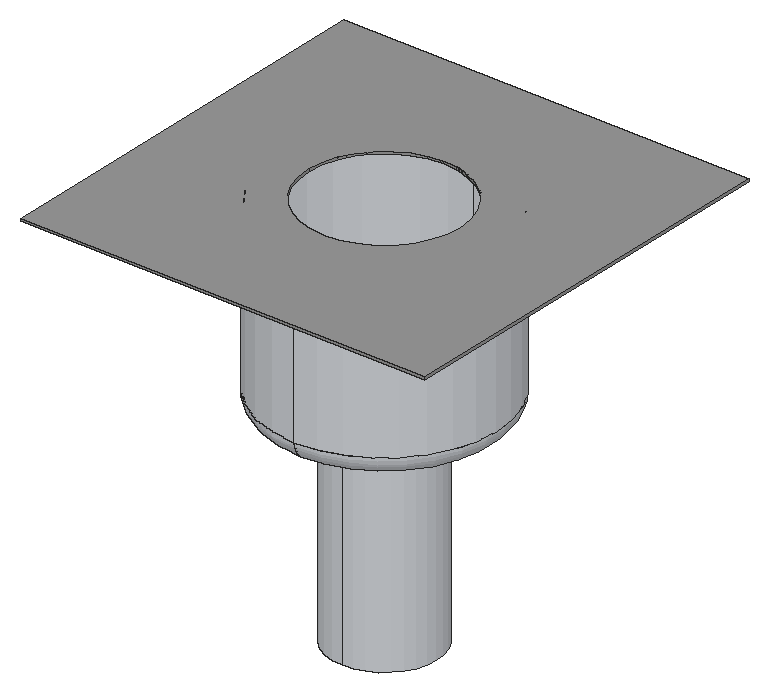
Revit family "RS524.x0", category Sanitärinstallationen, Revit 2020
Family settings
  Bemaßung runder Anschluss = Durchmesser verwenden
  Teiletyp = Normal
  Arbeitsebenenbasiert = Nein
  Immer vertikal = Ja
  Beim Laden mit Abzugskörper schneiden = Nein
  Gemeinsam genutzt = Nein
  Raumberechnungspunkt = Nein
Parameters
  Übergangsbride [instance] = no
  Vorgabe-Ansicht = 0 mm
  URL = "https://www.resitec.ch/"
  RSsp_H1 [instance] = Höhe - 23 mm  # 335 mm
  RS_s001 = 2 mm
  RS_dimH-mountplate [instance] = Höhe Montageset  # 110 mm
  RS_dimH-Rost [instance] = 69 mm
  RS_dim001 = 80.135 mm
  RS_dim002 = 142 mm
  RS_dim003 = RS_dim001 + 5 mm  # 85.135 mm
  RS_dia002 = 150 mm
  RS_dia001 = 245 mm  # constant formula
  RS_DVol-T = 345 mm
  RS_DVol-L = 345 mm
  RS_DN2 = 0 mm
  RS_DN1d = 88.9 mm
  RS_DN1 = 80 mm
  RS_AVol-T = 129 mm
  RS_AVol-L = 129 mm
  RS_AVol-H = 200 mm
  RS511.2.239 Schlitzrost [instance] = yes
  RS_URL = "https://resitec.ch/entwaesserungstechnik/glockensifons/?tx_resitecprodukte_produktliste%5Bprodukt%5D=81&tx_resitecprodukte_produktliste%5Baction%5D=show&tx_resitecprodukte_produktliste%5Bcontroller%5D=Produkt&cHash=6d57d6ed01fa84a4cd1852db563116bd"
  RS_Rost_h1 [instance] = 23 mm  # constant formula
  RS_Rost_Typ [instance] = if(RS511.2.239 Schlitzrost, "RS511.2.145", if(RS512.6.239 Lochrost 6mm, "RS511.3.145", if(RS513A.239 Gitterrost, "RS512.6.145", "Bitte Rosttyp Angfeben")))  # "RS511.2.145"
  RS_Manufacture = "Resitec"  # constant formula
  RS_Description [instance] = if(RS511.2.239 Schlitzrost, "Bodenablauf aus rostfreiem Stahl 1.4404 gebeizt, Typ RS 500K/80 mit Schlitzrost barfuss begehbar.", if(RS512.6.239 Lochrost 6mm, "Bodenablauf aus rostfreiem Stahl 1.4404 gebeizt, Typ RS 500K/80 mit Lochrost 6 mm befahrbar.", if(RS513A.239 Gitterrost, "Bodenablauf aus rostfreiem Stahl 1.4404 gebeizt, Typ RS 500K/80 mit Gitterrost befahrbar.", "Bitte Rosttyp Definieren")))  # "Bodenablauf aus rostfreiem Stahl 1.4404 gebeizt, Typ RS 500K/80 mit Schlitzrost barfuss begehbar."
  RS_Articelnumber [instance] = if(RS511.2.239 Schlitzrost, "RS500K.80.2.245", if(RS512.6.239 Lochrost 6mm, "RS500K.80.3.245", if(RS513A.239 Gitterrost, "RS500K.80.6.245", "Bitte Rosttyp Definieren")))  # "RS500K.80.2.245"
  RS_Add_1 [instance] = ""
  RS03 Rost verschraubt [instance] = no
  RS050.100 Montageset [instance] = yes
  RS513A.239 Gitterrost [instance] = no
  RS512.6.239 Lochrost 6mm [instance] = no
  Klebeblech mit Epoxidgrundierung = no
  Höhe [instance] = 358 mm
  Höhe Montageset [instance] = 110 mm
  Hersteller = RS_Manufacture  # "Resitec"
  Description = ""
  Baugruppenkennzeichen = "D2030300"
  Anschlusswert DU L/s = 0
Reference planes
  plane 1 "Mitte (Vorne/hinten)": y = 0
  plane 2: z = 0
  plane 3 "Mitte (Links/rechts)": x = 0
  plane 4: z = -335
  plane 5: z = 10
  plane 6: x = 172.5
  plane 7: y = 172.5
  plane 8: x = -172.5
  plane 9: y = -172.5
  plane 10: y = 64.5
  plane 11: x = 64.5
  plane 12: x = -64.5
  plane 13: y = -64.5
  plane 14: z = 23
  plane 15: z = -7.5
  plane 16: z = 2
  plane 17: z = -110
  plane 18: x = -122.5
  plane 19: y = 122.5
  plane 20: x = 122.5
  plane 21: y = -122.5
  plane 22: z = 0
Forms (mm)
  Extrusion 1, solid, material "Stahl, unlegiert"
    sketch origin (0, 0, 0) x (1, 0, 0) y (0, 1, 0)
      loop
        line (-172.5, 172.5) -> (-172.5, -172.5) -> (172.5, -172.5) -> (172.5, 172.5) -> (-172.5, 172.5)
      loop
        circle (0, 0) r 64.5
    from 0 to 2
Lines and regions (mm)
  reference lines
    curve 1: line (-60, 0, 0) -> (60, 0, 0)
    curve 2: line (0, 60, 0) -> (0, -60, 0)
    curve 3: line (-55.15, 0, 0) -> (55.15, 0, 0)
    curve 4: line (0, 55.15, 0) -> (0, -55.15, 0)
    curve 5: line (-70.5, 0, 0) -> (70.5, 0, 0)
    curve 6: line (0, -70.5, 0) -> (0, 70.5, 0)
Dimensions and locks
  "RSsp_H1": level to plane 4
  equal spacing: plane 7, plane 1 "Mitte (Vorne/hinten)", plane 9
  equal spacing: plane 8, plane 3 "Mitte (Links/rechts)", plane 6
  "RS_DVol-T": plane 7 to plane 9
  "RS_DVol-L": plane 8 to plane 6
  equal spacing: plane 12, plane 3 "Mitte (Links/rechts)", plane 11
  "RS_AVol-L": plane 12 to plane 11
  equal spacing: plane 10, plane 1 "Mitte (Vorne/hinten)", plane 13
  "RS_AVol-T": plane 10 to plane 13
  "RS_s001": plane 16 to level
  "RS_Rost_h1": plane 14 to level
  "Höhe Montageset": level to plane 17
  "RS_dia001": plane 18 to plane 20
  "RS_dia001": plane 19 to plane 21
  equal spacing: plane 18, plane 3 "Mitte (Links/rechts)", plane 20
  equal spacing: plane 19, plane 1 "Mitte (Vorne/hinten)", plane 21
  Extrusion 1 to Extrusion 1 = 2 mm
  locked: level to plane 15 at 7.5
  plane 14 to plane 22 = 23 mm
  aligned and locked: level to plane 2
  aligned and locked: Extrusion 1 to level
  aligned and locked: nested 1 to level
  aligned and locked: level to plane 22
Automatic sketch dimensions
  plane 1 "Mitte (Vorne/hinten)" to curve 5 = 0 mm
  plane 1 "Mitte (Vorne/hinten)" to curve 1 = 0 mm
  plane 1 "Mitte (Vorne/hinten)" to curve 3 = 0 mm
  curve 2 to plane 3 "Mitte (Links/rechts)" = 0 mm
  curve 6 to plane 3 "Mitte (Links/rechts)" = 0 mm
  curve 4 to plane 3 "Mitte (Links/rechts)" = 0 mm
  curve 3 to plane 3 "Mitte (Links/rechts)" = 55.15 mm
  curve 1 to curve 3 = 4.85 mm
  curve 5 to curve 1 = 10.5 mm
  plane 3 "Mitte (Links/rechts)" to curve 3 = 55.15 mm
  curve 3 to curve 1 = 4.85 mm
  curve 1 to curve 5 = 10.5 mm
  plane 1 "Mitte (Vorne/hinten)" to curve 4 = 55.15 mm
  curve 2 to curve 4 = 4.85 mm
  curve 6 to curve 2 = 10.5 mm
  curve 4 to plane 1 "Mitte (Vorne/hinten)" = 55.15 mm
  curve 4 to curve 2 = 4.85 mm
  curve 2 to curve 6 = 10.5 mm
  Extrusion 1 sketch curve to plane 8 = 0 mm
  plane 1 "Mitte (Vorne/hinten)" to Extrusion 1 sketch curve = 0 mm
  Extrusion 1 sketch curve to plane 3 "Mitte (Links/rechts)" = 0 mm
  Extrusion 1 sketch curve to plane 6 = 0 mm
  Extrusion 1 sketch curve to plane 9 = 0 mm
  Extrusion 1 sketch curve to plane 7 = 0 mm
  radius of Extrusion 1 sketch curve = 64.5 mm
Nested families
  nested 1: "RS561K.xx" at (0, 0, 0), RSsp_H1 <- "RSsp_H1", type "DN80"
    with Übergangsbride no, Rückstaudichtung RS644.60 no, RSsp_H1 335 mm, RS_dimH-Rost 279 mm, RS_Rost_h1 317 mm, RS_Rost_Typ "RS511.2.145", RS_Description "Glockensifon aus rostfreiem Stahl 1.4404 gebeizt, Typ RS 425/70, bestehend aus: Ablaufteil mit Abgang ø 63.5 mm, vertikal Lochrost 4 mm ø 124 mm aus rostfreiem Stahl 1.4301 gebeizt mit angeschweisster Glocke, barfuss begehbar und mit Rollstuhl befahrbar", RS_Articelnumber "RS425.60.4.129", RS_Add_1 "", Höhe 345 mm
Connectors
  piping at (0, 0, -335), diameter 80, driven by "RS_DN1"
    settings: on nested 1, index 1, connector inside diameter 609.6 mm, connector length 0 mm, flow factor 0, pipe flow 0.0 L/s, pressure drop 0.0 Pa, fitting loss kfactor 0, connector angle 0.00°, fixture units 0, engagement length 0 mm, angle of deflection 0.00°, flow configuration 0, flow direction 0, fitting loss method 0, system type 16, joint type 0, gender type 0, connector reference index -1, connector utility 0, adjustable connector no, is connector primary yes, connector description ""
Definition of nested family "RS561K.xx"
  Parameters (values of type "DN100")
    Übergangsbride [instance] = no
    Default Elevation = 0 mm
    URL = "https://www.resitec.ch/"
    RSsp_H1 [instance] = 345 mm
    RS_s001 = 3 mm
    RS_dimH-Rost [instance] = RS_Rost_h1 - 38 mm  # 279 mm
    RS_dim001 = 159 mm
    RS_dim002 = RS_dim001  # 159 mm
    RS_dim003 = 25 mm
    RS_dia002 = 130 mm
    RS_dia001 = 192 mm
    RS_DVol-T = 300 mm
    RS_DVol-L = 300 mm
    RS_DN2 = 0 mm
    RS_DN1d = 110 mm
    RS_DN1 = 100 mm
    RS_AVol-T = 129 mm
    RS_AVol-L = 129 mm
    RS_AVol-H = 200 mm
    RS_URL = ""
    RS_Rost_h1 [instance] = 317 mm
    RS_Rost_Typ [instance] = ""
    RS_Manufacture = "Resitec"  # constant formula
    RS_Description [instance] = "Glockensifon aus rostfreiem Stahl 1.4404 gebeizt, Typ RS 425/70, bestehend aus: Ablaufteil mit Abgang ø 63.5 mm, vertikal Lochrost 4 mm ø 124 mm aus rostfreiem Stahl 1.4301 gebeizt mit angeschweisster Glocke, barfuss begehbar und mit Rollstuhl befahrbar"  # constant formula
    RS_Articelnumber [instance] = "RS519.245"
    RS_Add_1 [instance] = ""
    Rückstaudichtung RS644.60 [instance] = no
    Höhe [instance] = 345 mm
    Manufacturer = RS_Manufacture  # "Resitec"
    Description = ""
    Assembly Code = "D2030300"
    Anschlusswert DU L/s = 0
  Types (5, lengths in mm): name | RSsp_H1 | RS_dim001 | RS_dim002 | RS_dia001 | RS_DN1d | RS_DN1 | RS_URL | RS_Rost_Typ | RS_Articelnumber
    DN40 | 335.757 | 122 | 122 | 129 | 48 | 40 | "https://resitec.ch/entwaesserungstechnik/bodenablauf/?tx_resitecprodukte_produktliste%5Bprodukt%5D=1&tx_resitecprodukte_produktliste%5Baction%5D=show&tx_resitecprodukte_produktliste%5Bcontroller%5D=Produkt&cHash=cee8b11d3745fbe960417df4e1698a16" | "RS511.2.145" | "RS425.60.4.129"
    DN60 | 335.757 | 122 | 122 | 129 | 63 | 60 | "https://resitec.ch/entwaesserungstechnik/glockensifons/?tx_resitecprodukte_produktliste%5Bprodukt%5D=71&tx_resitecprodukte_produktliste%5Baction%5D=show&tx_resitecprodukte_produktliste%5Bcontroller%5D=Produkt&cHash=81896261f04a31d1bb8fc8234e01d3bc" | "RS511.2.145" | "RS425.60.4.129"
    DN70 | 345 | 122 | 122 | 129 | 76 | 70 | "" | "" | "RS561K.xx"
    DN80 | 345 | 159 | 159 | 192 | 89 | 80 | "" | "" | "RS519.245"
    DN100 | 345 | 159 | 159 | 192 | 110 | 100 | "" | "" | "RS519.245"
  Reference planes
    plane 1 "Mitte (Vorne/hinten)": y = 0
    plane 2: z = 0
    plane 3 "Mitte (Links/rechts)": x = 0
    plane 4: y = -96
    plane 5: y = 96
    plane 6: z = -159
    plane 7: z = -159
    plane 8: y = -55
    plane 9: y = 55
    plane 10: z = -345
  Forms (mm)
    Revolve 1, solid
      sketch origin (0, 0, 0) x (0, 1, 0) y (0, 0, 1)
        loop
          line (0, -159.078) -> (0, -345) -> (55, -345) -> (55, -159.078) -> (0, -159.078)
        axis (0, -159.078) -> (0, -345)
      angle from 0 to 360
    Revolve 2, solid
      sketch origin (0, 0, 0) x (0, 1, 0) y (0, 0, 1)
        loop
          line (-96, 0) -> (-96, -142.204)
          arc (-96, -142.204) -> (-91.081, -154.081) -> (-79.204, -159) r 16.796
          line (-79.204, -159) -> (0, -159) -> (0, -157) -> (-81.272, -157)
          arc (-81.272, -157) -> (-90.272, -153.272) -> (-94, -144.272) r 12.728
          line (-94, -144.272) -> (-94, 0) -> (-96, 0)
        axis (0, -159) -> (0, 0)
      angle from 0 to 360
  Dimensions and locks
    "RS_dia001": plane 4 to plane 5
    equal spacing: plane 4, plane 1 "Mitte (Vorne/hinten)", plane 5
    "RS_dim001": level to plane 7
    "RS_dim002": level to plane 6
    "RS_DN1d": plane 8 to plane 9
    equal spacing: plane 8, plane 1 "Mitte (Vorne/hinten)", plane 9
    Revolve 2 sketch curve to Revolve 2 sketch curve = 2 mm  (x2)
    "RSsp_H1": level to plane 10
    radius of Revolve 2 sketch curve = 12.728 mm
    radius of Revolve 2 sketch curve = 16.796 mm
    aligned and locked: level to plane 2
    aligned and locked: Revolve 1 sketch curve to plane 1 "Mitte (Vorne/hinten)"
    aligned and locked: plane 9 to Revolve 1 sketch curve
    aligned and locked: Revolve 1 sketch curve to Revolve 1 sketch curve
    aligned and locked: level to Revolve 2 sketch curve
    aligned and locked: Revolve 2 sketch curve to plane 1 "Mitte (Vorne/hinten)"  (x2)
    aligned and locked: Revolve 2 sketch curve to plane 7
    aligned and locked: plane 4 to Revolve 2 sketch curve
    aligned and locked: plane 10 to Revolve 1
  Automatic sketch dimensions
    Revolve 1 sketch curve to plane 9 = 0 mm
    Revolve 1 sketch curve to plane 6 = 0 mm
    Revolve 1 sketch curve to Revolve 1 sketch curve = 196.243 mm
    Revolve 1 sketch curve to plane 6 = 0.078 mm
    Revolve 2 sketch curve to plane 6 = 20 mm
    level to Revolve 2 sketch curve = 13 mm
    Revolve 1 sketch curve to Revolve 1 sketch curve = 185.922 mm
  Connectors
    piping at (0, 0, -345), diameter 100, driven by "RS_DN1"
      settings: on Revolve 1, index 1, connector inside diameter 609.6 mm, connector length 0 mm, flow factor 0, pipe flow 0.0 L/s, pressure drop 0.0 Pa, fitting loss kfactor 0, connector angle 0.00°, fixture units 0, engagement length 0 mm, angle of deflection 0.00°, flow configuration 0, flow direction 0, fitting loss method 0, system type 7, joint type 0, gender type 0, connector reference index -1, connector utility 0, adjustable connector no, is connector primary yes, connector description ""
